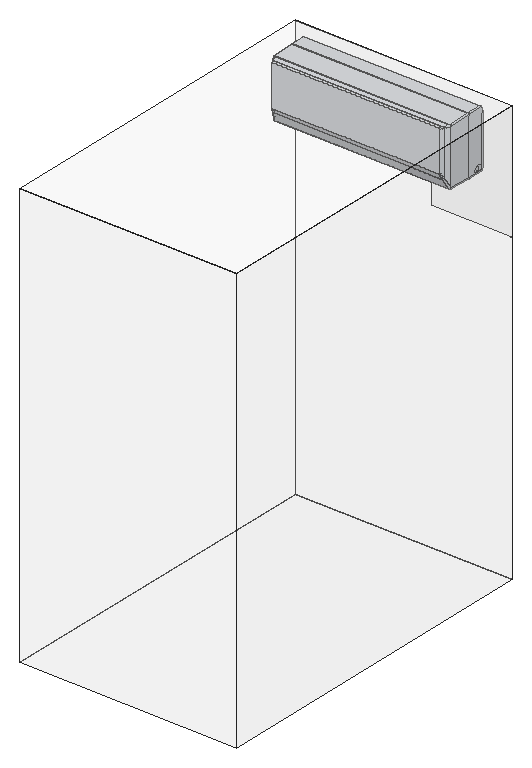
Revit family "pk-rp28112lka20_50hz", category 機械設備, Revit 2019 (continued)
Definition of nested family "pk-rp80_112(la)ka17"
  Automatic sketch dimensions
    Extrusion 1 sketch curve to Extrusion 1 sketch curve = 4.57 mm
    Extrusion 1 sketch curve to Extrusion 1 sketch curve = 0.828 mm
    Extrusion 1 sketch curve to Extrusion 1 sketch curve = 2.282 mm
    Extrusion 1 sketch curve to Extrusion 1 sketch curve = 1.509 mm
    Extrusion 1 sketch curve to plane 10 "Fkidasi_Z" = 2.669 mm
    Extrusion 1 sketch curve to Extrusion 1 sketch curve = 3.53 mm
    Extrusion 1 sketch curve to Extrusion 1 sketch curve = 0.245 mm
    Extrusion 1 sketch curve to plane 10 "Fkidasi_Z" = 0.212 mm
    Extrusion 1 sketch curve to Extrusion 1 sketch curve = 11.126 mm
    Extrusion 1 sketch curve to Extrusion 1 sketch curve = 11.355 mm
    plane 10 "Fkidasi_Z" to Extrusion 1 sketch curve = 0.239 mm
    Extrusion 1 sketch curve to Extrusion 1 sketch curve = 0.886 mm
    Extrusion 1 sketch curve to Extrusion 1 sketch curve = 14.099 mm
    Extrusion 1 sketch curve to Extrusion 1 sketch curve = 0.981 mm  (x3)
    Extrusion 1 sketch curve to plane 2 = 91.302 mm
    plane 6 "UNDER" to Extrusion 1 sketch curve = 3.179 mm
    Extrusion 1 sketch curve to Extrusion 1 sketch curve = 2.631 mm
    Extrusion 1 sketch curve to Extrusion 1 sketch curve = 10.856 mm
    Extrusion 1 sketch curve to plane 10 "Fkidasi_Z" = 10.968 mm
    Extrusion 1 sketch curve to Extrusion 1 sketch curve = 1.969 mm
    Extrusion 1 sketch curve to plane 10 "Fkidasi_Z" = 1.653 mm
    Extrusion 1 sketch curve to plane 10 "Fkidasi_Z" = 0.674 mm
    Extrusion 1 sketch curve to Extrusion 1 sketch curve = 0.182 mm
    plane 10 "Fkidasi_Z" to Extrusion 1 sketch curve = 19.962 mm
    plane 10 "Fkidasi_Z" to Extrusion 1 sketch curve = 45.88 mm
    Extrusion 1 sketch curve to Extrusion 1 sketch curve = 9.288 mm
    Extrusion 1 sketch curve to Extrusion 1 sketch curve = 1.712 mm
    Extrusion 1 sketch curve to Extrusion 1 sketch curve = 2.453 mm
    Extrusion 1 sketch curve to Extrusion 1 sketch curve = 1.702 mm
    Extrusion 1 sketch curve to Extrusion 1 sketch curve = 0.58 mm
    Extrusion 1 sketch curve to Extrusion 1 sketch curve = 1.434 mm
    Extrusion 1 sketch curve to level = 23.558 mm
    Extrusion 1 sketch curve to Extrusion 1 sketch curve = 8.081 mm
    Extrusion 1 sketch curve to Extrusion 1 sketch curve = 4.288 mm
    Extrusion 1 sketch curve to Extrusion 1 sketch curve = 0.784 mm
    Extrusion 1 sketch curve to Extrusion 1 sketch curve = 0 mm
    Extrusion 1 sketch curve to Extrusion 1 sketch curve = 1.627 mm
    Extrusion 1 sketch curve to Extrusion 1 sketch curve = 0.002 mm
    Extrusion 1 sketch curve to level = 0 mm
    plane 19 to Extrusion 1 sketch curve = 6.097 mm
    Extrusion 1 sketch curve to Extrusion 1 sketch curve = 10.916 mm
    curve 15 to Extrusion 1 = 0 mm
    curve 17 to Extrusion 1 = 0 mm
    curve 20 to Extrusion 1 = 0 mm
    curve 13 to Extrusion 1 = 0 mm
    curve 10 to Extrusion 1 = 0 mm
    curve 8 to Extrusion 1 = 0 mm
    curve 15 to Extrusion 1 = 20 mm
    curve 15 to curve 16 = 8 mm
    curve 19 to Extrusion 1 = 1.466 mm
    curve 21 to Extrusion 1 = 3.034 mm
    curve 21 to curve 17 = 22.703 mm
    curve 14 to curve 9 = 24.618 mm
    curve 10 to curve 14 = 23.733 mm
    curve 10 to curve 12 = 34.286 mm
    curve 9 to Extrusion 1 = 28 mm
    curve 11 to curve 8 = 8 mm
    curve 19 to curve 21 = 11.583 mm
    curve 18 to curve 19 = 23.714 mm
    curve 19 to curve 16 = 19.672 mm
    curve 9 to Extrusion 1 = 35.752 mm
    curve 13 to curve 10 = 10 mm
    curve 13 to curve 11 = 79 mm
    plane 19 to Extrusion 1 sketch curve = 29.248 mm
    curve 6 to Extrusion 1 = 0 mm
    curve 2 to Extrusion 1 = 0 mm
    curve 1 to Extrusion 1 = 0 mm
    curve 2 to Extrusion 1 = 7.8 mm
    curve 1 to Extrusion 1 = 57 mm
    curve 4 to curve 7 = 0 mm
    curve 5 to curve 3 = 8 mm
    curve 3 to curve 7 = 50.624 mm
    curve 7 to curve 6 = 8.376 mm
    curve 7 to curve 3 = 7.895 mm
    curve 24 to Extrusion 1 = 1 mm
    curve 32 to Extrusion 1 = 1.705 mm
    curve 5 to curve 32 = 45 mm
    curve 4 to curve 24 = 48 mm
    curve 32 to Extrusion 1 = 1.664 mm
    curve 2 to Extrusion 1 = 57 mm
    curve 25 to Extrusion 1 = 0 mm
    curve 26 to Extrusion 1 = 0 mm
    curve 30 to Extrusion 1 = 0 mm
    Extrusion 1 to curve 25 = 57 mm
    Extrusion 1 to curve 26 = 7.8 mm
    Extrusion 1 to curve 26 = 57 mm
    curve 31 to curve 28 = 0 mm
    curve 28 to curve 27 = 8 mm
    curve 29 to curve 31 = 50.624 mm
    curve 31 to curve 30 = 8.376 mm
    curve 31 to curve 27 = 7.895 mm
    Extrusion 1 to curve 23 = 1 mm
    Extrusion 1 to curve 22 = 1.664 mm
    Extrusion 1 to curve 22 = 110 mm
    Extrusion 1 to curve 22 = 1.705 mm
    curve 28 to curve 23 = 48 mm
Types (9, lengths in mm): name | 風量_静 (m3/min) | 風量_強 (m3/min) | 風量_弱 (m3/min) | 風量_中 (m3/min) | 風量 | 音響パワーレベル_静 (dB) | 音響パワーレベル_弱 (dB) | 音響パワーレベル_中 (dB) | 音響パワーレベル_強 (dB) | 音響パワーレベル(dB) | 電動機出力_送風機 | 質量 | 構成品番 | 壁掛_PK-RP80_112KA17 | 壁掛_PK-RP40_50LA | 冷媒液管位置-Z | 冷媒液管位置-Y | 冷媒液管位置-X | 冷媒ガス管位置-Z | 冷媒ガス管位置-Y | 冷媒ガス管位置-X | ドレン位置-Z | ドレン位置-Y | ドレン位置-X | Space Top | Space Right_1 | Space Right | Space Left | MIN２風量 | MIN風量 | MID風量 | MAX風量 | 製品質量 | 消費電力_暖房 | 消費電力_冷房 | 消費電力 | 暖房能力 | 冷房能力 | 冷媒管径符号 | 冷媒液管径 | 冷媒ガス管径 | Width | S_H | Height | Depth | Clearance Top | Clearance Right | Clearance Left
  壁掛_PK-RP28LA4 | 6.3 | 8.7 | 7.3 | 8 | 522.0 m³/h | 45 | 48 | 50 | 52 | 52 | 0.03 kW | 15.00 kg | "PK-RP28LA4" | no | yes | 280 | 23 | 711 | 268 | 23 | 642 | 274 | 37 | 660 | 50 | 260 | 150 | 50 | 378.0 m³/h | 438.0 m³/h | 480.0 m³/h | 522.0 m³/h | 12.50 kg | 0.02 kW | 0.03 kW | 0.03 kW | 2.80 kW | 2.5 kW | "Ac" | 6.35 | 12.70 | 898 | 356 | 299 | 237 | 50 | 150 | 50
  壁掛_PK-RP40LA4 | 6.8 | 10.7 | 8.2 | 9.4 | 642.0 m³/h | 47 | 51 | 54 | 57 | 57 | 0.03 kW | 15.00 kg | "PK-RP40LA4" | no | yes | 280 | 35 | 711 | 268 | 35 | 642 | 245 | 35 | 660 | 50 | 260 | 150 | 50 | 408.0 m³/h | 492.0 m³/h | 564.0 m³/h | 642.0 m³/h | 12.50 kg | 0.03 kW | 0.04 kW | 0.04 kW | 4.00 kW | 3.6 kW | "Ac" | 6.35 | 12.70 | 898 | 356 | 299 | 237 | 50 | 150 | 50
  壁掛_PK-RP45LA4 | 6.8 | 10.7 | 8.2 | 9.4 | 642.0 m³/h | 48 | 51 | 54 | 57 | 57 | 0.03 kW | 15.00 kg | "PK-RP45LA4" | no | yes | 280 | 35 | 711 | 268 | 35 | 642 | 245 | 35 | 660 | 50 | 260 | 150 | 50 | 408.0 m³/h | 492.0 m³/h | 564.0 m³/h | 642.0 m³/h | 12.50 kg | 0.03 kW | 0.04 kW | 0.04 kW | 4.50 kW | 4 kW | "Ac" | 6.35 | 12.70 | 898 | 356 | 299 | 237 | 50 | 150 | 50
  壁掛_PK-RP50LA4 | 6.8 | 10.7 | 8.2 | 9.4 | 642.0 m³/h | 48 | 51 | 54 | 57 | 57 | 0.03 kW | 15.00 kg | "PK-RP50LA4" | no | yes | 280 | 35 | 711 | 268 | 35 | 642 | 245 | 35 | 660 | 50 | 260 | 150 | 50 | 408.0 m³/h | 492.0 m³/h | 564.0 m³/h | 642.0 m³/h | 12.50 kg | 0.03 kW | 0.04 kW | 0.04 kW | 5.00 kW | 4.5 kW | "Ac" | 6.35 | 12.70 | 898 | 356 | 299 | 237 | 50 | 150 | 50
  壁掛_PK-RP56LA4 | 7.3 | 13.6 | 9.4 | 11.6 | 816.0 m³/h | 49 | 54 | 59 | 63 | 63 | 0.03 kW | 15.00 kg | "PK-RP56LA4" | no | yes | 280 | 35 | 711 | 268 | 35 | 642 | 245 | 35 | 660 | 50 | 260 | 150 | 50 | 438.0 m³/h | 564.0 m³/h | 696.0 m³/h | 816.0 m³/h | 12.50 kg | 0.05 kW | 0.06 kW | 0.06 kW | 5.60 kW | 5 kW | "Ac" | 6.35 | 12.70 | 898 | 356 | 299 | 237 | 50 | 150 | 50
  壁掛_PK-RP63KA20 | 0 | 19 | 16.5 | 17.8 | 1140.0 m³/h | 0 | 53 | 55 | 56 | 56 | 0.057 kW | 24.00 kg | "PK-RP63KA20" | yes | no | 312 | 30 | 636 | 333 | 25 | 567 | 347 | 61 | 719 | 48 | 220 | 100.5 | 52.3 | 0.0 m³/h | 990.0 m³/h | 1068.0 m³/h | 1140.0 m³/h | 20.00 kg | 0.06 kW | 0.06 kW | 0.06 kW | 6.30 kW | 5.6 kW | "Ac" | 6.35 | 12.70 | 1170 | 420 | 365 | 295 | 48 | 100.5 | 52.3
  壁掛_PK-RP71KA20 | 0 | 19 | 16.5 | 17.8 | 1140.0 m³/h | 0 | 53 | 55 | 56 | 56 | 0.057 kW | 25.20 kg | "PK-RP71KA20" | yes | no | 312 | 30 | 636 | 333 | 25 | 567 | 347 | 61 | 719 | 48 | 220 | 100.5 | 52.3 | 0.0 m³/h | 990.0 m³/h | 1068.0 m³/h | 1140.0 m³/h | 21.00 kg | 0.06 kW | 0.06 kW | 0.06 kW | 7.10 kW | 6.3 kW | "Bd" | 9.52 | 15.88 | 1170 | 420 | 365 | 295 | 48 | 100.5 | 52.3
  壁掛_PK-RP80KA20 | 0 | 23 | 17 | 20 | 1380.0 m³/h | 0 | 53 | 57 | 61 | 61 | 0.057 kW | 25.20 kg | "PK-RP80KA20" | yes | no | 312 | 30 | 636 | 333 | 25 | 567 | 347 | 61 | 719 | 48 | 220 | 100.5 | 52.3 | 0.0 m³/h | 1020.0 m³/h | 1200.0 m³/h | 1380.0 m³/h | 21.00 kg | 0.07 kW | 0.07 kW | 0.07 kW | 8.00 kW | 7.1 kW | "Bd" | 9.52 | 15.88 | 1170 | 420 | 365 | 295 | 48 | 100.5 | 52.3
  壁掛_PK-RP112KA20 | 0 | 25 | 17 | 21 | 1500.0 m³/h | 0 | 56 | 61 | 66 | 66 | 0.057 kW | 25.20 kg | "PK-RP112KA20" | yes | no | 312 | 30 | 636 | 333 | 25 | 567 | 347 | 61 | 719 | 48 | 220 | 100.5 | 52.3 | 0.0 m³/h | 1020.0 m³/h | 1260.0 m³/h | 1500.0 m³/h | 21.00 kg | 0.07 kW | 0.07 kW | 0.07 kW | 11.20 kW | 10 kW | "Bd" | 9.52 | 15.88 | 1170 | 420 | 365 | 295 | 48 | 100.5 | 52.3
